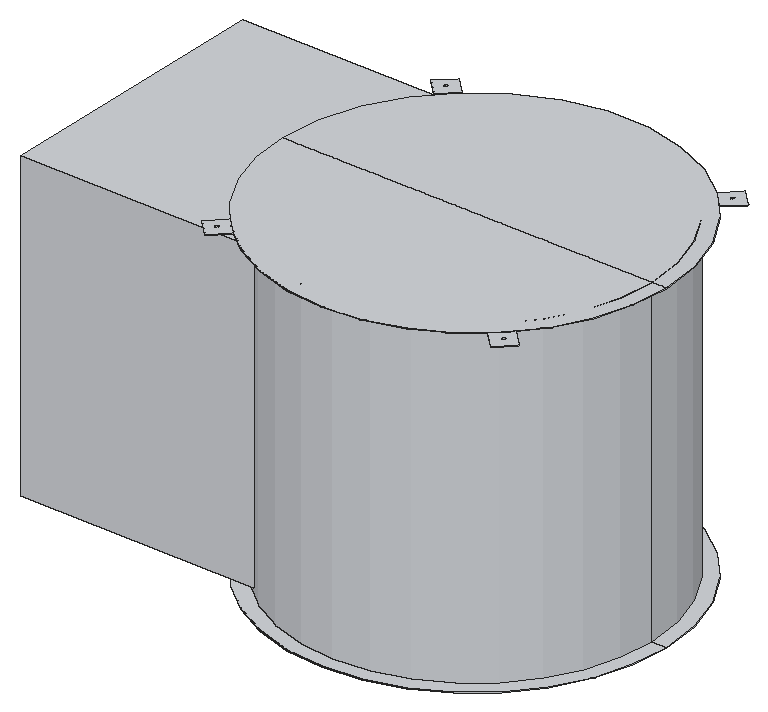
Revit family "AVAB_Downblast_Ceiling_Mount", category Mechanical Equipment, Revit 2019
Family settings
  Round Connector Dimension = Use Radius
  Part Type = Normal
  Work Plane-Based = No
  Always vertical = Yes
  Cut with Voids When Loaded = No
  Shared = No
  Room Calculation Point = No
Parameters (values of type "79_AVAB_DOWNBLAST_CEILING")
  ModelID [instance] = ""
  L/2 = L / 2  # 2' - 8"
  L = 5' - 4"
  K/2 = K / 2  # 0' - 0 11/32"
  K = 0' - 0 11/16"
  J/2 = J / 2  # 3' - 9 1/4"
  J-B = J - B  # 0' - 4 15/16"
  J = 7' - 6 1/2"
  H = 6' - 4 5/8"
  Unit Weight [instance] = ""
  Sones [instance] = ""
  Motor RPM [instance] = ""
  Motor Enclosure [instance] = ""
  LwA [instance] = ""
  G = 16' - 0"
  Fan RPM [instance] = ""
  F/2 = F / 2  # 0' - 0 11/32"
  F = 0' - 0 11/16"
  E/2 = E / 2  # 3' - 0"
  E-2" = E - 0' 2"  # 5' - 10"
  E-.125" = E - 0' 0 1/8"  # 5' - 11 7/8"
  E = 6' - 0"
  C/2 = C / 2  # 3' - 5 7/16"
  C = 6' - 10 7/8"
  B/2 = B / 2  # 3' - 6 25/32"
  B = 7' - 1 9/16"
  Accessories [instance] = ""
  A/3 = A / 2.5  # 2' - 7 1/2"
  A/2 = A / 2  # 3' - 3 3/8"
  A = 6' - 6 3/4"
  60 = 60.00°  # constant formula
  45 = 45.00°
  30 = 30.00°  # constant formula
  3" = 0' - 3"  # constant formula
  Brake Hp [instance] = ""
  4" = 0' - 4"  # constant formula
  2' = 2' - 0"
  2" = 0' - 2"  # constant formula
  1" = 0' - 1"  # constant formula
  0 = 0' - 0"  # constant formula
  Voltage [instance] = 0 V
  URL = "www.lorencook.com"
  Type Comments = "Adjustable Pitch Vane Axial Downblast Ceiling Mount Belt Drive Arrangement 9"  # constant formula
  Static Pressure [instance] = 0.00 in-wg
  Power [instance] = Voltage * Motor FLA * sqrt(if(Phase = 3, 3, 1))  # 0 VA
  Phase [instance] = 0
  Number of Poles [instance] = 1
  Motor Hp [instance] = "0"
  Motor FLA [instance] = 0 A
  Model = "AVAB"  # constant formula
  Manufacturer = "Loren Cook Company"
  CFM [instance] = 0 CFM
  1.5 = 0' - 1 1/2"  # constant formula
  ONE EIGTH = 0' - 0 1/8"  # constant formula
  -E/2 = -E / 2  # -3' - 0"
  -(E-.25")/2 = -(E - 0' 0 1/4") / 2  # -2' - 11 7/8"
  (L/2)-1" = (L / 2) - 0' 1"  # 2' - 7"
  (J-B)/2 = (J - B) / 2  # 0' - 2 15/32"
  (J+(J-B))/2 = (J + (J - B)) / 2  # 3' - 11 23/32"
  (E-.25")/2 = (E - 0' 0 1/4") / 2  # 2' - 11 7/8"
  (A+.25")/2 = (A + 0' 0 1/4") / 2  # 3' - 3 1/2"
Types (9): name | L/2 | L | K/2 | K | J/2 | J-B | J | H | G | F/2 | F | E/2 | E-2" | E-.125" | E | C/2 | C | B/2 | B | A/3 | A/2 | A | -E/2 | -(E-.25")/2 | (L/2)-1" | (J-B)/2 | (J+(J-B))/2 | (E-.25")/2 | (A+.25")/2
  (no name) | 2' - 8" | 5' - 4" | 0' - 0 11/32" | 0' - 0 11/16" | 3' - 9 1/4" | 0' - 4 15/16" | 7' - 6 1/2" | 6' - 4 5/8" | 16' - 0" | 0' - 0 11/32" | 0' - 0 11/16" | 3' - 0" | 5' - 10" | 5' - 11 7/8" | 6' - 0" | 3' - 5 7/16" | 6' - 10 7/8" | 3' - 6 25/32" | 7' - 1 9/16" | 2' - 7 1/2" | 3' - 3 3/8" | 6' - 6 3/4" | -3' - 0" | -2' - 11 7/8" | 2' - 7" | 0' - 2 15/32" | 3' - 11 23/32" | 2' - 11 7/8" | 3' - 3 1/2"
  35_AVAB_DOWNBLAST_CEILING | 1' - 3 1/4" | 2' - 6 1/2" | 0' - 0 9/32" | 0' - 0 9/16" | 1' - 9 9/16" | 0' - 3 1/4" | 3' - 7 1/8" | 3' - 11 7/8" | 12' - 0" | 0' - 0 9/32" | 0' - 0 9/16" | 1' - 9 1/2" | 3' - 5" | 3' - 6 7/8" | 3' - 7" | 1' - 7" | 3' - 2" | 1' - 7 15/16" | 3' - 3 7/8" | 1' - 2.2" | 1' - 5 3/4" | 2' - 11 1/2" | -1' - 9 1/2" | -1' - 9 3/8" | 1' - 2 1/4" | 0' - 1 5/8" | 1' - 11 3/16" | 1' - 9 3/8" | 1' - 5 7/8"
  39_AVAB_DOWNBLAST_CEILING | 1' - 4 21/32" | 2' - 9 5/16" | 0' - 0 9/32" | 0' - 0 9/16" | 1' - 11 9/16" | 0' - 3 3/16" | 3' - 11 1/8" | 4' - 1 7/8" | 12' - 0" | 0' - 0 9/32" | 0' - 0 9/16" | 1' - 9 1/2" | 3' - 5" | 3' - 6 7/8" | 3' - 7" | 1' - 8 15/16" | 3' - 5 7/8" | 1' - 9 31/32" | 3' - 7 15/16" | 1' - 3 3/4" | 1' - 7 11/16" | 3' - 3 3/8" | -1' - 9 1/2" | -1' - 9 3/8" | 1' - 3 21/32" | 0' - 1 19/32" | 2' - 1 5/32" | 1' - 9 3/8" | 1' - 7 13/16"
  44_AVAB_DOWNBLAST_CEILING | 1' - 7 1/16" | 3' - 2 1/8" | 0' - 0 11/32" | 0' - 0 11/16" | 2' - 2 15/16" | 0' - 4 1/4" | 4' - 5 7/8" | 4' - 5 1/4" | 12' - 0" | 0' - 0 9/32" | 0' - 0 9/16" | 1' - 11 1/2" | 3' - 9" | 3' - 10 7/8" | 3' - 11" | 1' - 11 11/16" | 3' - 11 3/8" | 2' - 0 13/16" | 4' - 1 5/8" | 1' - 5.65" | 1' - 10 1/16" | 3' - 8 1/8" | -1' - 11 1/2" | -1' - 11 3/8" | 1' - 6 1/16" | 0' - 2 1/8" | 2' - 5 1/16" | 1' - 11 3/8" | 1' - 10 3/16"
  49_AVAB_DOWNBLAST_CEILING | 1' - 8 7/8" | 3' - 5 3/4" | 0' - 0 11/32" | 0' - 0 11/16" | 2' - 5 1/2" | 0' - 4 1/4" | 4' - 11" | 4' - 7 3/4" | 12' - 0" | 0' - 0 9/32" | 0' - 0 9/16" | 1' - 11 1/2" | 3' - 9" | 3' - 10 7/8" | 3' - 11" | 2' - 2 1/4" | 4' - 4 1/2" | 2' - 3 3/8" | 4' - 6 3/4" | 1' - 7.7" | 2' - 0 5/8" | 4' - 1 1/4" | -1' - 11 1/2" | -1' - 11 3/8" | 1' - 7 7/8" | 0' - 2 1/8" | 2' - 7 5/8" | 1' - 11 3/8" | 2' - 0 3/4"
  57_AVAB_DOWNBLAST_CEILING | 1' - 11 21/32" | 3' - 11 5/16" | 0' - 0 11/32" | 0' - 0 11/16" | 2' - 9 7/16" | 0' - 4 1/4" | 5' - 6 7/8" | 5' - 5 3/4" | 12' - 0" | 0' - 0 9/32" | 0' - 0 9/16" | 2' - 6 1/2" | 4' - 11" | 5' - 0 7/8" | 5' - 1" | 2' - 5 15/16" | 4' - 11 7/8" | 2' - 7 5/16" | 5' - 2 5/8" | 1' - 10.85" | 2' - 4 9/16" | 4' - 9 1/8" | -2' - 6 1/2" | -2' - 6 3/8" | 1' - 10 21/32" | 0' - 2 1/8" | 2' - 11 9/16" | 2' - 6 3/8" | 2' - 4 11/16"
  63_AVAB_DOWNBLAST_CEILING | 2' - 1 23/32" | 4' - 3 7/16" | 0' - 0 11/32" | 0' - 0 11/16" | 3' - 0 3/8" | 0' - 4 1/4" | 6' - 0 3/4" | 5' - 8 5/8" | 16' - 0" | 0' - 0 11/32" | 0' - 0 11/16" | 2' - 6 1/2" | 4' - 11" | 5' - 0 7/8" | 5' - 1" | 2' - 9 1/8" | 5' - 6 1/4" | 2' - 10 1/4" | 5' - 8 1/2" | 2' - 1.2" | 2' - 7 1/2" | 5' - 3" | -2' - 6 1/2" | -2' - 6 3/8" | 2' - 0 23/32" | 0' - 2 1/8" | 3' - 2 1/2" | 2' - 6 3/8" | 2' - 7 5/8"
  71_AVAB_DOWNBLAST_CEILING | 2' - 5 7/32" | 4' - 10 7/16" | 0' - 0 11/32" | 0' - 0 11/16" | 3' - 5 5/16" | 0' - 5" | 6' - 10 5/8" | 6' - 0 3/4" | 16' - 0" | 0' - 0 11/32" | 0' - 0 11/16" | 3' - 0" | 5' - 10" | 5' - 11 7/8" | 6' - 0" | 3' - 1 1/2" | 6' - 3" | 3' - 2 13/16" | 6' - 5 5/8" | 2' - 4.35" | 2' - 11 7/16" | 5' - 10 7/8" | -3' - 0" | -2' - 11 7/8" | 2' - 4 7/32" | 0' - 2 1/2" | 3' - 7 13/16" | 2' - 11 7/8" | 2' - 11 9/16"
  79_AVAB_DOWNBLAST_CEILING | 2' - 8" | 5' - 4" | 0' - 0 11/32" | 0' - 0 11/16" | 3' - 9 1/4" | 0' - 4 15/16" | 7' - 6 1/2" | 6' - 4 5/8" | 16' - 0" | 0' - 0 11/32" | 0' - 0 11/16" | 3' - 0" | 5' - 10" | 5' - 11 7/8" | 6' - 0" | 3' - 5 7/16" | 6' - 10 7/8" | 3' - 6 25/32" | 7' - 1 9/16" | 2' - 7 1/2" | 3' - 3 3/8" | 6' - 6 3/4" | -3' - 0" | -2' - 11 7/8" | 2' - 7" | 0' - 2 15/32" | 3' - 11 23/32" | 2' - 11 7/8" | 3' - 3 1/2"
Reference planes (in)
  plane 1 "Center (Front/Back)": y = 0
  plane 2: z = 0
  plane 3 "Center (Left/Right)": x = 0.40541
Forms (in)
  Revolve 1, solid
    sketch origin (0, 0, 0) x (1, 0, 0) y (0, 0, 1)
      loop
        line (0.40541, 0) -> (43.18666, 0) -> (43.18666, 0.125) -> (39.90541, 0.125) -> (39.90541, 71.875) -> (43.18666, 71.875) -> (43.18666, 72) -> (0.40541, 72) -> (0.40541, 0)
      axis (0.40541, 72) -> (0.40541, 0)
    angle from 0 to 360
  Extrusion 2, solid
    sketch origin (0, 0, 0) x (1, 0, 0) y (0, 1, 0)
      loop
        line (-24.07417, 31) -> (-76.21959, 31) -> (-76.21959, -31) -> (-24.07417, -31)
        arc (-24.07417, -31) -> (-39.09459, 0) -> (-24.07417, 31) r 39.5
    from 70 <- "E-2"" to 2
  Extrusion 3, solid
    sketch origin (0, 0, 0) x (1, 0, 0) y (0, 1, 0)
      loop
        line (-28.04942, 31.94617) -> (-31.54598, 35.44273)
        arc (-31.54598, 35.44273) -> (-33.33684, 33.74225) -> (-35.03732, 31.9514) r 47.71875
        line (-35.03732, 31.9514) -> (-31.54076, 28.45483)
        arc (-31.54076, 28.45483) -> (-29.8455, 30.25091) -> (-28.04942, 31.94617) r 42.78125
      loop
        arc (28.86024, 31.94617) -> (30.65632, 30.25091) -> (32.35158, 28.45483) r 42.78125
        line (32.35158, 28.45483) -> (35.84815, 31.9514)
        arc (35.84815, 31.9514) -> (34.14766, 33.74225) -> (32.35681, 35.44273) r 47.71875
        line (32.35681, 35.44273) -> (28.86024, 31.94617)
      loop
        line (28.86024, -31.94617) -> (32.35681, -35.44273)
        arc (32.35681, -35.44273) -> (34.14766, -33.74225) -> (35.84815, -31.9514) r 47.71875
        line (35.84815, -31.9514) -> (32.35158, -28.45483)
        arc (32.35158, -28.45483) -> (30.65632, -30.25091) -> (28.86024, -31.94617) r 42.78125
      loop
        arc (-28.04942, -31.94617) -> (-29.8455, -30.25091) -> (-31.54076, -28.45483) r 42.78125
        line (-31.54076, -28.45483) -> (-35.03732, -31.9514)
        arc (-35.03732, -31.9514) -> (-33.33684, -33.74225) -> (-31.54598, -35.44273) r 47.71875
        line (-31.54598, -35.44273) -> (-28.04942, -31.94617)
    from 72 <- "E" to 71.875 <- "E-.125""
  Extrusion 4, void
    sketch origin (0, 0, 0) x (1, 0, 0) y (0, 1, 0)
      loop
        circle (32.40541, 32) r 0.34375
      loop
        circle (-31.59459, 32) r 0.34375
      loop
        circle (-31.59459, -32) r 0.34375
      loop
        circle (32.40541, -32) r 0.34375
    from 0 to 72 <- "E"
Cuts and joins
  Extrusion 4 cuts Revolve 1
  Extrusion 4 cuts Extrusion 2
  Extrusion 4 cuts Extrusion 3
Dimensions and locks (in)
  "0": Revolve 1 sketch curve to plane 3 "Center (Left/Right)"  (x2)
  "0": Revolve 1 sketch curve to level
  "B/2": Revolve 1 sketch curve to plane 3 "Center (Left/Right)"  (x2)
  "(A+.25")/2": Revolve 1 sketch curve to plane 3 "Center (Left/Right)"
  "ONE EIGTH": Revolve 1 sketch curve to Revolve 1 sketch curve  (x2)
  "E": Revolve 1 sketch curve to level
  "0": Extrusion 2 sketch curve to plane 3 "Center (Left/Right)"
  "0": Extrusion 2 sketch curve to plane 1 "Center (Front/Back)"
  "H": Extrusion 2 sketch curve to plane 3 "Center (Left/Right)"
  "(L/2)-1"": Extrusion 2 sketch curve to plane 1 "Center (Front/Back)"
  "(L/2)-1"": plane 1 "Center (Front/Back)" to Extrusion 2 sketch curve
  "0": Extrusion 3 sketch curve to plane 3 "Center (Left/Right)"  (x8)
  "0": Extrusion 3 sketch curve to plane 1 "Center (Front/Back)"  (x8)
  "J-B": Extrusion 3 sketch curve to Extrusion 3 sketch curve  (x4)
  "(J-B)/2": plane 3 "Center (Left/Right)" to Extrusion 3 sketch curve  (x3)
  "(J-B)/2": Extrusion 3 sketch curve to plane 3 "Center (Left/Right)"
  "L/2": plane 3 "Center (Left/Right)" to Extrusion 4 sketch curve  (x4)
  "L/2": plane 1 "Center (Front/Back)" to Extrusion 4 sketch curve  (x4)
  "(A+.25")/2": radius of Extrusion 2 sketch curve
  "(J+(J-B))/2": radius of Extrusion 3 sketch curve  (x4)
  "B/2": radius of Extrusion 3 sketch curve  (x4)
  "K/2": radius of Extrusion 4 sketch curve  (x4)
  "45": angle plane 3 "Center (Left/Right)" to Extrusion 3 sketch curve
  "45": angle Extrusion 3 sketch curve to plane 3 "Center (Left/Right)"  (x2)
  "45": angle Extrusion 3 sketch curve to plane 1 "Center (Front/Back)"
Automatic sketch dimensions
  Revolve 1 sketch curve to level = 0' - 0"
  Revolve 1 sketch curve to level = 1' - 0"
  Extrusion 2 sketch curve to Extrusion 2 sketch curve = 0' - 0"
Connectors (in)
  hvac at (0.40541, 0, 72), driven by "A/2"
    settings: on cut or joined group of Revolve 1, Extrusion 4, index 1, duct flow 0 CFM, flow factor 0, pres drop 0.00 in-wg, loss coef 0, conn angle 0.00°, conn width 12", conn height 12", conn diameter 78 3/4", duct sys type 29, conn prof type 0, flow config 0, flow direction 1, loss method 0, conn ref index -1, conn util no, is conn primary yes, conn desc ""
  hvac at (0.40541, 0, 0.125), driven by "A/2"
    settings: on cut or joined group of Revolve 1, Extrusion 4, index 2, duct flow 0 CFM, flow factor 0, pres drop 0.00 in-wg, loss coef 0, conn angle 0.00°, conn width 12", conn height 12", conn diameter 78 3/4", duct sys type 29, conn prof type 0, flow config 0, flow direction 2, loss method 0, conn ref index -1, conn util no, is conn primary no, conn desc ""
  electrical at (-50.14688, -31, 36)
    settings: on cut or joined group of Extrusion 2, Extrusion 4, index 3, voltage 0 V, apparent load 0 VA, apparent load phase1 0 VA, apparent load phase2 0 VA, apparent load phase3 0 VA, power factor 1, load classification "Other", number of poles 1, system type 30, power factor state 1, is connector primary yes, connector utility no, sub classification motor no, connector description ""
